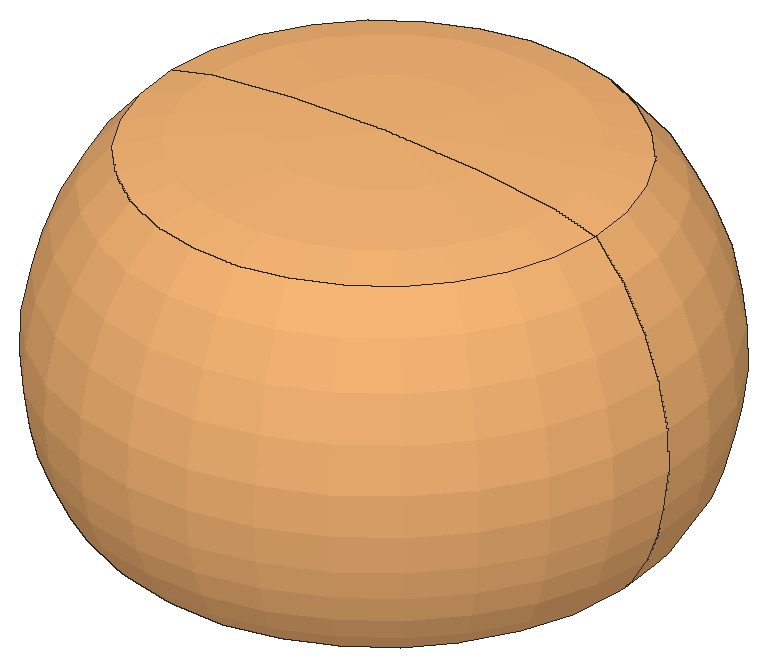
Revit family "Arper_Pix_67_Outdoor_lounge_1seat_3022", category Arredi, Revit 2014
Parameters
  URL = "http://www.arper.com"
  Produttore = "ARPER s.p.a."  # constant formula
  Modello = "Pix 67 Outdoor"  # constant formula
  Descrizione = "One small seat ottoman. Upholstery available in fabric, leather, faux\r\nleather or customer's material. Fitted with glides. Diameter 67 cm."
  Copyright [instance] = "ARPER s.p.a."  # constant formula
  Arper - Legs material [instance] = Arper - generic glides
  Arper - Cover material [instance] = Arper - generic texture
  Arper - Article code [instance] = "art.3022"  # constant formula
Reference planes
  plane 1 "Centro (Fronte/Retro)": y = 0
  plane 2: z = 0
  plane 3 "Centro (Sinistra/Destra)": x = 0
Forms (mm)
  Revolve 1, solid, material "Arper - generic texture" <- "Arper - Cover material"
    sketch origin (0, 0, 0) x (1, 0, 0) y (0, 0, 1)
      loop
        line (0, 424.001) -> (0, 19) -> (26.5, 19) -> (146, 19) -> (204, 19) -> (229.725, 19)
        spline (229.725, 19) -> (266.085, 26.994) -> (291.158, 48.966) -> (308.805, 76.161) -> (320.996, 105.752) -> (329.059, 136.941) -> (334.017, 169.142) -> (335.221, 202.941) -> (331.46, 239.323) -> (321.521, 279.264) -> (304.573, 322.153) -> (280.672, 363.677) -> (250, 399)
        spline (250, 399) -> (244.261, 401.837) -> (234.181, 404.726) -> (220.241, 407.61) -> (202.917, 410.434) -> (182.69, 413.139) -> (160.037, 415.67) -> (135.438, 417.968) -> (109.372, 419.979) -> (82.316, 421.644) -> (54.749, 422.908) -> (27.151, 423.712) -> (0, 424.001)
      axis (0, 424.001) -> (0, 19)
    angle from 0 to 360
  Extrusion 2, solid, material "Arper - generic glides" <- "Arper - Legs material"
    sketch origin (57.595, -39.701, 0) x (1, 0, 0) y (0, 1, 0)
      loop
        circle (117.405, 39.701) r 29
    from 0 to 25
  Extrusion 3, solid, material "Arper - generic glides" <- "Arper - Legs material"
    sketch origin (-292.405, -39.701, 0) x (1, 0, 0) y (0, 1, 0)
      loop
        circle (117.405, 39.701) r 29
    from 0 to 25
  Extrusion 4, solid, material "Arper - generic glides" <- "Arper - Legs material"
    sketch origin (39.701, 57.595, 0) x (-0.000001, 1, 0) y (-1, -0.000001, 0)
      loop
        circle (117.405, 39.701) r 29
    from 0 to 25
  Extrusion 5, solid, material "Arper - generic glides" <- "Arper - Legs material"
    sketch origin (39.701, -292.405, 0) x (-0.000001, 1, 0) y (-1, -0.000001, 0)
      loop
        circle (117.405, 39.701) r 29
    from 0 to 25
Dimensions and locks
  aligned and locked: level to plane 2
